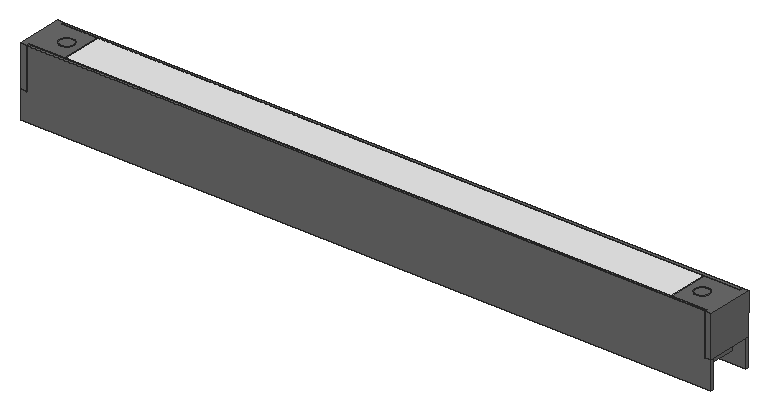
Revit family "ARKOSLIGHT_Line Micro 250 24V", category Lighting Fixtures, host Face, Revit 2019
Family settings
  Host = Face
  Round Connector Dimension = Use Diameter
  Part Type = Normal
  Cut with Voids When Loaded = No
  Light Source = No
  Shared = No
  Room Calculation Point = No
Parameters (values of type "A3950000N - LINE MICRO 250 24V 2700K N")
  URL = "https://www.arkoslight.com/en/product/line24v-es/line24v1-es/"
  Model = ARKOSLIGHT_Model  # "MINIMAL TRACK"
  Manufacturer = "ARKOSLIGHT"  # constant formula
  IES = IES : A3950000N - LINE MICRO 250 24V 2700K N
  Description = "Not valid for Minimal Track 24V Trimless"
  ARKOSLIGHT_Wattage = 2.52 W
  ARKOSLIGHT_IP = "20"
  ARKOSLIGHT_Series = "LINE MICRO 250 24V"  # constant formula
  ARKOSLIGHT_Dimming = "No Dim"
  ARKOSLIGHT_Model = "MINIMAL TRACK"  # constant formula
  ARKOSLIGHT_Reference = "A3950000N"
  ARKOSLIGHT_Luminous flux = 330 lm
  ARKOSLIGHT_IES = "A395-00-00 N LINE MICRO 250 24V 2700K.ies"
  ARKOSLIGHT_Color = "Matt black"
  ARKOSLIGHT_Fixture Type = "TRACKLIGHTS"  # constant formula
  ARKOSLIGHT_Efficiency = "52%"
  ARKOSLIGHT_CCT = 2700 K
  ARKOSLIGHT_CRI = "CRI>90"
  ARKOSLIGHT_Beam Angle = 113.00°
  ARKOSLIGHT_Body Color = ARKOSLIGHT_Matt black
  Default Elevation = 0 mm
  Apparent Load = ARKOSLIGHT_Apparent Load  # 2 VA
  ARKOSLIGHT_Apparent Load = 2 VA
Types (4, lengths in mm): name | IES | ARKOSLIGHT_Reference | ARKOSLIGHT_Luminous flux | ARKOSLIGHT_IES | ARKOSLIGHT_Color | ARKOSLIGHT_Efficiency | ARKOSLIGHT_CCT | ARKOSLIGHT_Body Color
  A3950000N - LINE MICRO 250 24V 2700K N | IES : A3950000N - LINE MICRO 250 24V 2700K N | "A3950000N" | 330 lm | "A395-00-00 N LINE MICRO 250 24V 2700K.ies" | "Matt black" | "52%" | 2700 K | ARKOSLIGHT_Matt black
  A3950001N - LINE MICRO 250 24V 3000K N | IES : A3950001N - LINE MICRO 250 24V 3000K N | "A3950001N" | 340 lm | "A395-00-01 N LINE MICRO 250 24V 3000K.ies" | "Matt black" | "52%" | 3000 K | ARKOSLIGHT_Matt black
  A3950000WT - LINE MICRO 250 24V 2700K WT | IES : A3950000WT - LINE MICRO 250 24V 2700K WT | "A3950000WT" | 330 lm | "A395-00-00 WT LINE MICRO 250 24V 2700K.ies" | "Textured white" | "70%" | 2700 K | ARKOSLIGHT_Textured white
  A3950001WT - LINE MICRO 250 24V 3000K WT | IES : A3950001WT - LINE MICRO 250 24V 3000K WT | "A3950001WT" | 340 lm | "A395-00-01 WT LINE MICRO 250 24V 3000K.ies" | "Textured white" | "70%" | 3000 K | ARKOSLIGHT_Textured white
Reference planes
  plane 1 "Center (Front/Back)": y = 0
  plane 2: z = 0
  plane 3 "Center (Left/Right)": x = 125
  plane 4: x = 250
  plane 5: x = 0
  plane 6: y = 8.5
  plane 7: y = -8.5
  plane 8: z = 19
  plane 9: z = 7
  plane 10: z = -6
Forms (mm)
  Extrusion 1, solid, material "ARKOSLIGHT_Light"
    sketch origin (-299.031, 8.5, 1219.2) x (-1, 0, 0) y (0, 0, 1)
      loop
        line (-314.235, -1200.2) -> (-533.826, -1200.2) -> (-533.826, -1201.4) -> (-314.235, -1201.4) -> (-314.235, -1200.2)
    from -1 to -16
  Extrusion 2, solid, material "ARKOSLIGHT_Black"
    sketch origin (125, 0, 0) x (0, 1, 0) y (0, 0, 1)
      loop
        line (-5, 0) -> (5, 0) -> (5, 4) -> (7.5, 4) -> (7.5, 7) -> (-7.5, 7) -> (-7.5, 4) -> (-5, 4) -> (-5, 0)
    from 36.04 to 122
  Extrusion 3, solid, material "ARKOSLIGHT_Black"
    sketch origin (125, 0, 0) x (0, 1, 0) y (0, 0, 1)
      loop
        line (-5, 0) -> (5, 0) -> (5, 4) -> (7.5, 4) -> (7.5, 7) -> (-7.5, 7) -> (-7.5, 4) -> (-5, 4) -> (-5, 0)
    from -122 to -36
  Extrusion 4, solid, material "ARKOSLIGHT_Matt black" <- "ARKOSLIGHT_Body Color"
    sketch origin (-268.3, -8.5, 1219.2) x (-1, 0, 0) y (0, 0, 1)
      loop
        line (-270.621, -1200.2) -> (-515.978, -1200.2) -> (-515.978, -1215.2) -> (-518.299, -1215.2) -> (-518.299, -1225.2) -> (-268.299, -1225.2) -> (-268.299, -1215.2) -> (-270.621, -1215.2) -> (-270.621, -1200.2)
    from 0 to 1
  Extrusion 5, solid, material "ARKOSLIGHT_Matt black" <- "ARKOSLIGHT_Body Color"
    sketch origin (-299.031, 8.5, 1219.2) x (-1, 0, 0) y (0, 0, 1)
      loop
        line (-301.352, -1200.2) -> (-546.709, -1200.2) -> (-546.709, -1215.2) -> (-549.031, -1215.2) -> (-549.031, -1225.2) -> (-299.031, -1225.2) -> (-299.031, -1215.2) -> (-301.352, -1215.2) -> (-301.352, -1200.2)
    from 0 to -1
  Extrusion 6, solid, material "ARKOSLIGHT_Matt black" <- "ARKOSLIGHT_Body Color"
    sketch origin (250, -221.408, 1212.668) x (0, -1, 0) y (0, 0, 1)
      loop
        line (-229.908, -1193.668) -> (-229.908, -1208.668) -> (-212.908, -1208.668) -> (-212.908, -1193.668) -> (-229.908, -1193.668)
    from 0 to 2.322
  Extrusion 7, solid, material "ARKOSLIGHT_Matt black" <- "ARKOSLIGHT_Body Color"
    sketch origin (-186.022, -4572, 19) x (-1, 0, 0) y (0, -1, 0)
      loop
        line (-433.7, -4579.5) -> (-420.817, -4579.5) -> (-420.817, -4564.5) -> (-433.7, -4564.5) -> (-433.7, -4579.5)
      loop
        circle (-426.057, -4572) r 2.5
    from 0 to -1.941
  Extrusion 8, solid, material "ARKOSLIGHT_Matt black" <- "ARKOSLIGHT_Body Color"
    sketch origin (-186.022, -4572, 19) x (-1, 0, 0) y (0, -1, 0)
      loop
        circle (-426.057, -4572) r 2.5
    from 0 to -1.941
  Extrusion 9, solid, material "ARKOSLIGHT_Matt black" <- "ARKOSLIGHT_Body Color"
    sketch origin (0, -221.408, 1212.668) x (0, -1, 0) y (0, 0, -1)
      loop
        line (-229.908, 1193.668) -> (-212.908, 1193.668) -> (-212.908, 1208.668) -> (-229.908, 1208.668) -> (-229.908, 1193.668)
    from 0 to 2.322
  Extrusion 10, solid, material "ARKOSLIGHT_Matt black" <- "ARKOSLIGHT_Body Color"
    sketch origin (436.021, -4572, 19) x (1, 0, 0) y (0, 1, 0)
      loop
        line (-433.7, 4579.5) -> (-433.7, 4564.5) -> (-420.817, 4564.5) -> (-420.817, 4579.5) -> (-433.7, 4579.5)
      loop
        circle (-426.057, 4572) r 2.5
    from 0 to -1.941
  Extrusion 11, solid, material "ARKOSLIGHT_Matt black" <- "ARKOSLIGHT_Body Color"
    sketch origin (436.021, -4572, 19) x (1, 0, 0) y (0, 1, 0)
      loop
        circle (-426.057, 4572) r 2.5
    from 0 to -1.941
Cuts and joins
  joined: Extrusion 6, Extrusion 7
  joined: Extrusion 9, Extrusion 10
Dimensions and locks
  locked: plane 5 to plane 4 at 250
  equal spacing: plane 6, plane 1 "Center (Front/Back)", plane 7
  locked: plane 6 to plane 7 at 17
  locked: plane 8 to plane 10 at 25
  equal spacing: plane 5, plane 3 "Center (Left/Right)", plane 4
  locked: plane 9 to plane 2 at 7
  Extrusion 1 sketch curve to plane 4 = 15.205 mm
  Extrusion 1 sketch curve to plane 5 = 15.205 mm
  locked: plane 8 to Extrusion 1 sketch curve at 1.2
  equal spacing: Extrusion 2 sketch curve, plane 1 "Center (Front/Back)", Extrusion 2 sketch curve  (x2)
  locked: Extrusion 2 sketch curve to Extrusion 2 sketch curve at 15
  locked: Extrusion 2 sketch curve to Extrusion 2 sketch curve at 10
  locked: plane 9 to Extrusion 2 sketch curve at 3
  Extrusion 3 sketch curve to Extrusion 3 sketch curve = 15 mm
  locked: Extrusion 3 sketch curve to Extrusion 3 sketch curve at 15
  Extrusion 3 sketch curve to Extrusion 3 sketch curve = 10 mm
  locked: Extrusion 3 sketch curve to Extrusion 3 sketch curve at 10
  locked: plane 2 to plane 10 at 6
  locked: plane 9 to Extrusion 6 sketch curve at 3
  aligned and locked: plane 2 to host face
  aligned and locked: level to host face
  aligned and locked: Extrusion 1 sketch curve to plane 8
  aligned and locked: plane 9 to Extrusion 2 sketch curve
  aligned and locked: plane 2 to Extrusion 2 sketch curve
  aligned and locked: Extrusion 2 sketch curve to Extrusion 2 sketch curve
  aligned and locked: Extrusion 3 sketch curve to Extrusion 3 sketch curve
  aligned and locked: Extrusion 4 sketch curve to plane 8
  aligned and locked: plane 5 to Extrusion 4 sketch curve
  aligned and locked: Extrusion 4 sketch curve to plane 10
  aligned and locked: plane 8 to Extrusion 6 sketch curve
  aligned and locked: plane 7 to Extrusion 6 sketch curve
  aligned and locked: plane 6 to Extrusion 6 sketch curve
  aligned and locked: Extrusion 5 sketch curve to plane 10
  aligned and locked: Extrusion 6 to Extrusion 7 sketch curve
  aligned and locked: Extrusion 5 to Extrusion 7 sketch curve
  aligned and locked: Extrusion 4 to Extrusion 7 sketch curve
  aligned and locked: Extrusion 7 sketch curve to Extrusion 1
  aligned and locked: plane 1 "Center (Front/Back)" to Extrusion 7 sketch curve
  aligned and locked: Extrusion 9 to Extrusion 10 sketch curve
  aligned and locked: plane 6 to Extrusion 9
  aligned and locked: Extrusion 9 to plane 7
  aligned and locked: Extrusion 10 to Extrusion 4
  aligned and locked: Extrusion 1 to Extrusion 10  (x2)
  aligned and locked: Extrusion 10 to Extrusion 1
  aligned and locked: Extrusion 2 to Extrusion 10
  aligned and locked: Extrusion 10 to Extrusion 2
  aligned and locked: Extrusion 9 to Extrusion 2
  aligned and locked: Extrusion 4 sketch curve to cut or joined group of Extrusion 9, Extrusion 10
  aligned and locked: Extrusion 4 sketch curve to cut or joined group of Extrusion 6, Extrusion 7
  aligned and locked: Extrusion 5 to Extrusion 2
  aligned and locked: Extrusion 3 to Extrusion 5
Automatic sketch dimensions
  host sketch curve to host sketch curve = 2438.4 mm  (x2)
  Extrusion 3 sketch curve to plane 9 = 0 mm
  Extrusion 3 sketch curve to level = 0 mm
  plane 7 to Extrusion 3 sketch curve = 1 mm
  plane 7 to Extrusion 3 sketch curve = 3.5 mm
  Extrusion 3 sketch curve to plane 9 = 3 mm
  plane 4 to Extrusion 4 sketch curve = 0 mm
  Extrusion 4 sketch curve to Extrusion 4 sketch curve = 2.322 mm  (x2)
  plane 4 to Extrusion 5 sketch curve = 0 mm
  Extrusion 5 sketch curve to plane 8 = 0 mm
  Extrusion 5 sketch curve to plane 5 = 0 mm
  Extrusion 5 sketch curve to Extrusion 5 sketch curve = 2.322 mm  (x2)
  Extrusion 5 sketch curve to plane 9 = 3 mm  (x2)
  Extrusion 7 sketch curve to Extrusion 7 sketch curve = 5.24 mm
  plane 1 "Center (Front/Back)" to Extrusion 8 sketch curve = 0 mm
  plane 4 to Extrusion 8 sketch curve = 9.965 mm
  Extrusion 9 sketch curve to plane 6 = 0 mm
  Extrusion 9 sketch curve to plane 7 = 0 mm
  Extrusion 9 sketch curve to plane 8 = 0 mm
  Extrusion 9 sketch curve to plane 9 = 3 mm
  plane 1 "Center (Front/Back)" to Extrusion 10 sketch curve = 0 mm
  plane 5 to Extrusion 10 sketch curve = 9.965 mm
  plane 7 to Extrusion 10 sketch curve = 1 mm
  Extrusion 10 sketch curve to Extrusion 10 sketch curve = 5.24 mm
  Extrusion 10 sketch curve to plane 6 = 1 mm
  plane 1 "Center (Front/Back)" to Extrusion 11 sketch curve = 0 mm
  plane 5 to Extrusion 11 sketch curve = 9.965 mm
  radius of Extrusion 7 sketch curve = 2.5 mm
  radius of Extrusion 8 sketch curve = 2.5 mm
  radius of Extrusion 10 sketch curve = 2.5 mm
  radius of Extrusion 11 sketch curve = 2.5 mm
Nested families
  nested 1: "IES" at (-0.841, 0, 19), type <- "IES", type "A3950000N - LINE MICRO 250 24V 2700K N"
Connectors
  electrical at (0, 0, 0), driven by "Apparent Load"
    settings: on host face, index 1, voltage 230 V, apparent load 0 VA, apparent load phase1 2 VA, apparent load phase2 0 VA, apparent load phase3 0 VA, power factor 1, load classification "Lighting", number of poles 1, system type 31, power factor state 1, is connector primary yes, connector utility no, sub classification motor no, connector description ""
Definition of nested family "IES"
  Parameters (values of type "A3950001N - LINE MICRO 250 24V 3000K N")
    Wattage = 2.22 W
    built-in parameter 1150110 = 1 (stored number, unit not read)
    URL = "https://www.arkoslight.com/en/product/line24v-es/line24v1-es/"
    built-in parameter 1114217 = 1 (stored number, unit not read)
    built-in parameter 1150109 = 1 (stored number, unit not read)
    built-in parameter 1150134 = 3
    built-in parameter 1150113 = 1 (stored number, unit not read)
    Model = ARKOSLIGHT_Model  # "MINIMAL TRACK"
    Manufacturer = "ARKOSLIGHT"  # constant formula
    built-in parameter 1150105 = 104.97 (stored number, unit not read)
    Lumens = 329.763 lm
    built-in parameter 1150115 = 1 (stored number, unit not read)
    Light Source Symbol Size = 50 mm  # constant formula
    built-in parameter 1150137 = (empty or 0)
    built-in parameter 1150139 = (empty or 0)
    built-in parameter 1150112 = 1 (stored number, unit not read)
    built-in parameter 1150114 = 1 (stored number, unit not read)
    built-in parameter 1150132 = (empty or 0)
    built-in parameter 1150102 = (empty or 0)
    built-in parameter 1150107 = 3000 (stored number, unit not read)
    built-in parameter 1150138 = (empty or 0)
    built-in parameter 1150106 = 1.0497 (stored number, unit not read)
    Emit from Rectangle Width = 17 mm  # constant formula
    Emit from Rectangle Length = 250 mm  # constant formula
    Emit Shape Visible in Rendering = no
    built-in parameter 1150104 = 13.8 (stored number, unit not read)
    Dimming Lamp Color Temperature Shift = (empty or 0)
    Color Filter = 16777215
    built-in parameter 1114218 = 1 (stored number, unit not read)
    built-in parameter 1150133 = 10 (stored number, unit not read)
    ARKOSLIGHT_Wattage = 2.22 W
    ARKOSLIGHT_IP = "20"
    ARKOSLIGHT_Series = "LINE MICRO 250 24V"  # constant formula
    ARKOSLIGHT_Dimming = "No Dim"
    ARKOSLIGHT_Model = "MINIMAL TRACK"  # constant formula
    ARKOSLIGHT_Reference = "A3950001N"
    ARKOSLIGHT_Luminous flux = 340 lm
    ARKOSLIGHT_IES = "A395-00-01 LINE MICRO 250 24V 3000K.ies"
    ARKOSLIGHT_Fixture Type = "TRACKLIGHTS"  # constant formula
    ARKOSLIGHT_Efficiency = "52%"
    ARKOSLIGHT_CCT = 3000 K
    ARKOSLIGHT_CRI = "CRI>90"
    ARKOSLIGHT_Beam Angle = 113.00°
    Default Elevation = 0 mm
    Apparent Load = ARKOSLIGHT_Apparent Load  # 2 VA
    ARKOSLIGHT_Apparent Load = 2 VA
  Types (3, lengths in mm): name | built-in parameter 1150107 | ARKOSLIGHT_Reference | ARKOSLIGHT_Luminous flux | ARKOSLIGHT_IES | ARKOSLIGHT_CCT
    A3950000N - LINE MICRO 250 24V 2700K N | 2700 (stored number, unit not read) | "A3950000N" | 330 lm | "A395-00-00 LINE MICRO 250 24V 2700K.ies" | 2700 K
    A3950001N - LINE MICRO 250 24V 3000K N | 3000 (stored number, unit not read) | "A3950001N" | 340 lm | "A395-00-01 LINE MICRO 250 24V 3000K.ies" | 3000 K
    A3950000WT - LINE MICRO 250 24V 2700K WT | 2700 (stored number, unit not read) | "A3950000N" | 330 lm | "A395-00-00 LINE MICRO 250 24V 2700K.ies" | 2700 K
  Reference planes
    plane 1 "Center (Front/Back)": y = 0
    plane 2: z = 0
    plane 3 "Center (Left/Right)": x = 125
    plane 4: x = 250
    plane 5: x = 0
    plane 6: y = 8.5
    plane 7: y = -8.5
  Forms (mm)
    Extrusion 1, solid
      sketch origin (0, 0, 0) x (1, 0, 0) y (0, 1, 0)
        loop
          line (-1219.2, 1219.2) -> (-1219.2, -1219.2) -> (1219.2, -1219.2) -> (1219.2, 1219.2) -> (-1219.2, 1219.2)
      from 0 to -304.8
  Dimensions and locks
    locked: plane 5 to plane 4 at 250
    equal spacing: plane 6, plane 1 "Center (Front/Back)", plane 7
    locked: plane 6 to plane 7 at 17
    equal spacing: plane 5, plane 3 "Center (Left/Right)", plane 4
    aligned and locked: plane 2 to Extrusion 1
    aligned and locked: level to Extrusion 1
  Automatic sketch dimensions
    Extrusion 1 sketch curve to Extrusion 1 sketch curve = 2438.4 mm  (x2)
